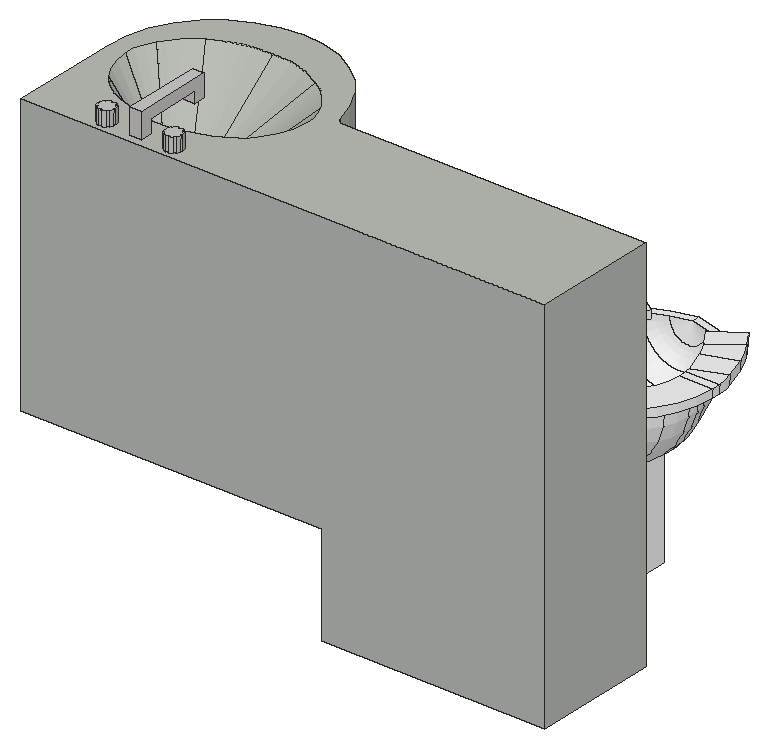
Revit family
Parameters (values of type "Combo-Fixture_MEP_Reed")
  Water Closet Material = Tiles
  Subcategory = "Fixtures"  # constant formula
  SmartBIM Object Version = 3  # constant formula
  SmartBIM Object Created By = "Reed Construction Data"  # constant formula
  Seat Material = Ceramic
  Sanitary Radius = 0"
  Pipe Material = Metal Polish Tab
  Flow Pressure [instance] = 0.00 psi
  Default Elevation = 4' - 0"
  Cold Water Radius = 0"
  Assembly Code = "D2010110"
  95 CSI = "15150"  # constant formula
  04 CSI = "22 13 16"  # constant formula
Reference planes (in)
  plane 1 "Center (Front/Back)": y = 0
  plane 2: z = 0
  plane 3 "Center (Left/Right)": x = 0
Forms (in)
  Extrusion 1, solid, material "Tiles" <- "Water Closet Material"
    sketch origin (-28.39372, 53.86465, 0) x (-1, 0, 0) y (0, -1, 0)
      loop
        line (-51.89372, 53.86465) -> (-51.89372, 42.61465) -> (-24.6967, 42.61465)
        arc (-24.6967, 42.61465) -> (-24.37951, 42.50116) -> (-24.20631, 42.21221) r 0.5
        arc (-24.20631, 42.21221) -> (-13.68789, 34.41161) -> (-4.89372, 44.11465) r 9.75
        line (-4.89372, 44.11465) -> (-4.89372, 53.86465) -> (-51.89372, 53.86465)
    from 0 to 34
  Extrusion 2, void
    sketch origin (0, 0, 0) x (1, 0, 0) y (0, 0, 1)
      loop
        line (-23.5, 0) -> (3.5, 0) -> (3.5, 9) -> (-23.5, 9) -> (-23.5, 0)
    from -20.00433 to 0
  Extrusion 3, void
    sketch origin (0, 0, 0) x (1, 0, 0) y (0, 0, 1)
      loop
        line (-3.5, 9) -> (-3.5, 27) -> (-23.5, 27) -> (-23.5, 9) -> (-3.5, 9)
    from -20.00443 to -11.25
  Blend 4, void
    base sketch origin (0, 0, 0) x (1, 0, 0) y (0, 1, 0)
      loop
        arc (-21.83825, 9.68035) -> (-21.47551, 7.89517) -> (-20.60589, 6.29448) r 6.15199
        arc (-20.60589, 6.29448) -> (-19.39689, 5.08607) -> (-17.90205, 4.25699) r 6.15199
        arc (-17.90205, 4.25699) -> (-16.72748, 3.84072) -> (-15.53255, 3.48709) r 23.57937
        arc (-15.53255, 3.48709) -> (-13.86863, 3.25315) -> (-12.19735, 3.42685) r 6.92489
        arc (-12.19735, 3.42685) -> (-10.88563, 3.80428) -> (-9.59795, 4.25699) r 23.57937
        arc (-9.59795, 4.25699) -> (-8.10311, 5.08607) -> (-6.89411, 6.29448) r 6.15199
        arc (-6.89411, 6.29448) -> (-6.02449, 7.89517) -> (-5.66175, 9.68035) r 6.15199
        arc (-5.66175, 9.68035) -> (-5.80617, 11.0511) -> (-6.36648, 12.31041) r 4.41237
        arc (-6.36648, 12.31041) -> (-7.44945, 13.64845) -> (-8.7875, 14.73143) r 8.21473
        arc (-8.7875, 14.73143) -> (-11.16358, 15.78931) -> (-13.75, 16.0637) r 8.33898
        arc (-13.75, 16.0637) -> (-16.33642, 15.78931) -> (-18.7125, 14.73143) r 8.33898
        arc (-18.7125, 14.73143) -> (-20.05055, 13.64845) -> (-21.13352, 12.31041) r 8.21473
        arc (-21.13352, 12.31041) -> (-21.69383, 11.0511) -> (-21.83825, 9.68035) r 4.41237
    top sketch origin (0, 0, 0) x (1, 0, 0) y (0, 1, 0)
      loop
        arc (-15.51046, 6.32709) -> (-15.17497, 5.52024) -> (-14.43362, 5.05767) r 1.43472
        arc (-14.43362, 5.05767) -> (-13.89543, 4.97971) -> (-13.35279, 5.01517) r 2.6054
        arc (-13.35279, 5.01517) -> (-12.42427, 5.41458) -> (-11.98954, 6.32709) r 1.43472
        arc (-11.98954, 6.32709) -> (-12.42427, 7.23961) -> (-13.35279, 7.63902) r 1.43472
        arc (-13.35279, 7.63902) -> (-13.89543, 7.67448) -> (-14.43362, 7.59652) r 2.6054
        arc (-14.43362, 7.59652) -> (-15.17497, 7.13395) -> (-15.51046, 6.32709) r 1.43472
    from 34 to 28.11685
  Revolve 5, solid, material "Ceramic" <- "Seat Material"
    sketch origin (29.6751, 45.5, 16.25) x (0, -1, 0) y (1, 0, 0)
      loop
        line (32, -16.44107) -> (31.30515, -16.44107)
        arc (31.30515, -16.44107) -> (31.21015, -17.527) -> (30.92801, -18.57993) r 6.25362
        arc (30.92801, -18.57993) -> (30.32578, -19.80114) -> (29.47351, -20.86305) r 6.25362
        arc (29.47351, -20.86305) -> (28.4116, -21.71532) -> (27.1904, -22.31755) r 6.25362
        arc (27.1904, -22.31755) -> (26.13746, -22.59968) -> (25.05153, -22.69469) r 6.25362
        line (25.05153, -22.69469) -> (24.15192, -22.69469)
        arc (24.15192, -22.69469) -> (23.78995, -22.66302) -> (23.43897, -22.56897) r 2.08454
        line (23.43897, -22.56897) -> (21.01338, -21.68613)
        arc (21.01338, -21.68613) -> (20.09826, -21.28347) -> (19.24352, -20.7648) r 7.64331
        line (19.24352, -20.7648) -> (17.76346, -19.72845)
        arc (17.76346, -19.72845) -> (17.08091, -19.0459) -> (16.67297, -18.17107) r 2.77939
        line (16.67297, -18.17107) -> (16.20941, -16.44107) -> (15.49006, -16.44107) -> (16.06725, -18.5952)
        arc (16.06725, -18.5952) -> (16.47519, -19.47003) -> (17.15774, -20.15258) r 2.77939
        line (17.15774, -20.15258) -> (18.91991, -21.38646)
        arc (18.91991, -21.38646) -> (19.77464, -21.90512) -> (20.68976, -22.30779) r 7.64331
        line (20.68976, -22.30779) -> (23.20132, -23.22192)
        arc (23.20132, -23.22192) -> (23.66929, -23.34731) -> (24.15192, -23.38953) r 2.77939
        line (24.15192, -23.38953) -> (25.05153, -23.38953)
        arc (25.05153, -23.38953) -> (26.25812, -23.28397) -> (27.42805, -22.97049) r 6.94847
        arc (27.42805, -22.97049) -> (28.78494, -22.30135) -> (29.96484, -21.35438) r 6.94847
        arc (29.96484, -21.35438) -> (30.91181, -20.17448) -> (31.58096, -18.81758) r 6.94847
        arc (31.58096, -18.81758) -> (31.89444, -17.64766) -> (32, -16.44107) r 6.94847
      axis (32, -16.44107) -> (15.49006, -16.44107)
    angle from 0 to 180
  Sweep 6, solid, material "Ceramic" <- "Seat Material"
    path origin (29.6751, 47.75, 17.5) x (0, -1, 0) y (1, 0, 0)
      loop
        line (19.62044, -19.49106) -> (21.09009, -20.52012)
        arc (21.09009, -20.52012) -> (21.80294, -20.95269) -> (22.56615, -21.28851) r 6.37454
        line (22.56615, -21.28851) -> (24.66079, -22.0509)
        arc (24.66079, -22.0509) -> (25.05108, -22.15548) -> (25.4536, -22.19069) r 2.31801
        line (25.4536, -22.19069) -> (26.20388, -22.19069)
        arc (26.20388, -22.19069) -> (30.30159, -20.49337) -> (31.99891, -16.39566) r 5.79504
        arc (31.99891, -16.39566) -> (30.30159, -12.29795) -> (26.20388, -10.60062) r 5.79504
        line (26.20388, -10.60062) -> (25.4536, -10.60062)
        arc (25.4536, -10.60062) -> (25.05108, -10.63584) -> (24.66079, -10.74042) r 2.31801
        line (24.66079, -10.74042) -> (22.56615, -11.5028)
        arc (22.56615, -11.5028) -> (21.80294, -11.83862) -> (21.09009, -12.27119) r 6.37454
        line (21.09009, -12.27119) -> (19.62044, -13.30025)
    profile origin (0, 21.92126, 13.5) x (1, 0, 0) y (0, 0, 1)
      loop
        line (5.29653, 3.5) -> (5.29653, 2.75) -> (8.29653, 2.75) -> (8.29653, 3.5) -> (5.29653, 3.5)
  Extrusion 7, solid, material "Ceramic" <- "Seat Material"
    sketch origin (0, 0, 0) x (0, 1, 0) y (0, 0, 1)
      loop
        arc (23.64676, 10.05532) -> (23.03479, 9.81599) -> (22.40758, 9.62003) r 9.39437
        arc (22.40758, 9.62003) -> (21.53215, 9.44711) -> (20.64089, 9.4031) r 6.13088
        arc (20.64089, 9.4031) -> (19.5539, 9.48242) -> (18.48002, 9.66843) r 11.05035
        arc (18.48002, 9.66843) -> (17.77565, 9.92939) -> (17.10459, 10.26692) r 6.7572
        arc (17.10459, 10.26692) -> (16.33429, 10.68966) -> (15.65378, 11.24551) r 4.80853
        arc (15.65378, 11.24551) -> (14.08912, 13.59485) -> (13.60093, 16.375) r 6.87171
        line (13.60093, 16.375) -> (11.25, 16.375) -> (11.25, 0) -> (23.64676, 0) -> (23.64676, 10.05532)
    from 11.23403 to 15.23403
  Sweep 8, solid, material "Metal Polish Tab" <- "Pipe Material"
    path origin (0, 0, 0) x (0, 1, 0) y (0, 0, 1)
      loop
        line (1.5, 34) -> (1.5, 35.5) -> (7, 35.5) -> (7, 34.25)
    profile origin (0, 1.5, 34.75) x (0, -1, 0) y (1, 0, 0)
      loop
        line (-0.25, -14.25629) -> (0.75, -14.25629) -> (0.75, -13.25629) -> (-0.25, -13.25629) -> (-0.25, -14.25629)
  Extrusion 9, solid, material "Metal Polish Tab" <- "Pipe Material"
    sketch origin (0, 0, 0) x (1, 0, 0) y (0, 1, 0)
      loop
        circle (-16.75629, 1.25) r 0.75
    from 34 to 35.25
  Extrusion 10, void
    sketch origin (0, 0, 35.25) x (0, 1, 0) y (1, 0, 0)
      loop
        circle (2, -16.75629) r 0.11115
    from 0 to 1.25
  Extrusion 11, void
    sketch origin (-5.79169, -11.48237, 35.25) x (0.707107, 0.707107, 0) y (0.707107, -0.707107, 0)
      loop
        circle (2, -16.75629) r 0.11115
    from 0 to 1.25
  Extrusion 12, void
    sketch origin (-4.02392, 12.2146, 35.25) x (-0.707107, 0.707107, 0) y (0.707107, 0.707107, 0)
      loop
        circle (2, -16.75629) r 0.11115
    from 0 to 1.25
  Extrusion 13, void
    sketch origin (-15.50629, 18.00629, 35.25) x (-1, 0, 0) y (0, 1, 0)
      loop
        circle (2, -16.75629) r 0.11115
    from 0 to 1.25
  Extrusion 14, void
    sketch origin (-27.72089, 13.98237, 35.25) x (-0.707107, -0.707107, 0) y (-0.707107, 0.707107, 0)
      loop
        circle (2, -16.75629) r 0.11115
    from 0 to 1.25
  Extrusion 15, void
    sketch origin (-33.51258, 2.5, 35.25) x (0, -1, 0) y (-1, 0, 0)
      loop
        circle (2, -16.75629) r 0.11115
    from 0 to 1.25
  Extrusion 16, void
    sketch origin (-29.48866, -9.7146, 35.25) x (0.707107, -0.707107, 0) y (-0.707107, -0.707107, 0)
      loop
        circle (2, -16.75629) r 0.11115
    from 0 to 1.25
  Extrusion 17, void
    sketch origin (-18.00629, -15.50629, 35.25) x (1, 0, 0) y (0, -1, 0)
      loop
        circle (2, -16.75629) r 0.11115
    from 0 to 1.25
  Extrusion 18, solid, material "Metal Polish Tab" <- "Pipe Material"
    sketch origin (-27.51258, 0, 0) x (-1, 0, 0) y (0, -1, 0)
      loop
        circle (-16.75629, -1.25) r 0.75
    from 34 to 35.25
  Extrusion 19, void
    sketch origin (-27.51258, 0, 35.25) x (0, -1, 0) y (-1, 0, 0)
      loop
        circle (-2, -16.75629) r 0.11115
    from 0 to 1.25
  Extrusion 20, void
    sketch origin (-23.48866, 12.2146, 35.25) x (-0.707107, -0.707107, 0) y (-0.707107, 0.707107, 0)
      loop
        circle (-2, -16.75629) r 0.11115
    from 0 to 1.25
  Extrusion 21, void
    sketch origin (-21.72089, -11.48237, 35.25) x (0.707107, -0.707107, 0) y (-0.707107, -0.707107, 0)
      loop
        circle (-2, -16.75629) r 0.11115
    from 0 to 1.25
  Extrusion 22, void
    sketch origin (-9.50629, -15.50629, 35.25) x (1, 0, 0) y (0, -1, 0)
      loop
        circle (-2, -16.75629) r 0.11115
    from 0 to 1.25
  Extrusion 23, void
    sketch origin (1.97608, -9.7146, 35.25) x (0.707107, 0.707107, 0) y (0.707107, -0.707107, 0)
      loop
        circle (-2, -16.75629) r 0.11115
    from 0 to 1.25
  Extrusion 24, void
    sketch origin (6, 2.5, 35.25) x (0, 1, 0) y (1, 0, 0)
      loop
        circle (-2, -16.75629) r 0.11115
    from 0 to 1.25
  Extrusion 25, void
    sketch origin (0.20831, 13.98237, 35.25) x (-0.707107, 0.707107, 0) y (0.707107, 0.707107, 0)
      loop
        circle (-2, -16.75629) r 0.11115
    from 0 to 1.25
  Extrusion 26, void
    sketch origin (-12.00629, 18.00629, 35.25) x (1, 0, 0) y (0, 1, 0)
      loop
        circle (2, -16.75629) r 0.11115
    from 0 to 1.25
Cuts and joins
  Extrusion 2, Extrusion 3, Blend 4, Extrusion 10, Extrusion 11, Extrusion 12, Extrusion 13, Extrusion 14, Extrusion 15, Extrusion 16, Extrusion 17, Extrusion 19, Extrusion 20, Extrusion 21, Extrusion 22, Extrusion 23, Extrusion 24, Extrusion 25, Extrusion 26 cuts Extrusion 1
  Extrusion 10, Extrusion 11, Extrusion 12, Extrusion 13, Extrusion 14, Extrusion 15, Extrusion 16, Extrusion 17, Extrusion 19 cuts Extrusion 9
  Extrusion 19, Extrusion 20, Extrusion 21, Extrusion 22, Extrusion 23, Extrusion 24, Extrusion 25, Extrusion 26 cuts Extrusion 18
Lines and regions (in)
  symbolic lines
    curve 1: line (-23.5, 9.75, 35.25) -> (-23.5, 0, 35.25)
    curve 2: line (-23.5, 0, 35.25) -> (23.5, 0, 35.25)
    curve 3: line (23.5, 0, 35.25) -> (23.5, 11.25, 35.25)
    curve 4: line (23.5, 11.25, 35.25) -> (-3.69702, 11.25, 35.25)
    curve 5: arc (-3.69702, 11.25, 35.25) -> (-4.01421, 11.36349, 35.25) -> (-4.1874, 11.65244, 35.25) r 0.5
    curve 6: arc (-4.1874, 11.65244, 35.25) -> (-5.30625, 14.625, 35.25) -> (-7.32114, 17.08023, 35.25) r 9.75
    curve 7: arc (-7.32114, 17.08023, 35.25) -> (-9.17265, 18.35874, 35.25) -> (-11.26794, 19.17878, 35.25) r 9.75
    curve 8: arc (-11.26794, 19.17878, 35.25) -> (-13.23972, 19.48664, 35.25) -> (-15.23289, 19.38657, 35.25) r 9.75
    curve 9: arc (-15.23289, 19.38657, 35.25) -> (-17.12419, 18.89753, 35.25) -> (-18.88004, 18.04127, 35.25) r 9.75
    curve 10: arc (-18.88004, 18.04127, 35.25) -> (-20.79722, 16.48789, 35.25) -> (-22.26305, 14.50295, 35.25) r 9.75
    curve 11: arc (-22.26305, 14.50295, 35.25) -> (-23.1857, 12.20564, 35.25) -> (-23.5, 9.75, 35.25) r 9.75
    curve 12: arc (-21.13352, 12.31041, 35.25) -> (-21.83838, 9.71745, 35.25) -> (-21.13352, 7.1245, 35.25) r 5.12177
    curve 13: arc (-21.13352, 7.1245, 35.25) -> (-20.01548, 5.67832, 35.25) -> (-18.5693, 4.56028, 35.25) r 7.20047
    curve 14: arc (-18.5693, 4.56028, 35.25) -> (-16.55415, 3.67537, 35.25) -> (-14.38868, 3.28213, 35.25) r 9.42145
    curve 15: arc (-14.38868, 3.28213, 35.25) -> (-12.05532, 3.43333, 35.25) -> (-9.83522, 4.16724, 35.25) r 9.21054
    curve 16: arc (-9.83522, 4.16724, 35.25) -> (-7.77307, 5.35276, 35.25) -> (-6.31209, 7.22984, 35.25) r 6.17452
    curve 17: arc (-6.31209, 7.22984, 35.25) -> (-5.70555, 9.79307, 35.25) -> (-6.32663, 12.35281, 35.25) r 5.65157
    curve 18: arc (-21.13352, 12.31041, 35.25) -> (-18.74928, 14.80471, 35.25) -> (-15.50086, 15.9683, 35.25) r 7.50372
    curve 19: arc (-15.50086, 15.9683, 35.25) -> (-13.75, 16.06642, 35.25) -> (-11.99914, 15.9683, 35.25) r 15.67036
    curve 20: arc (-11.99914, 15.9683, 35.25) -> (-8.74392, 14.81789, 35.25) -> (-6.32663, 12.35281, 35.25) r 7.64587
    curve 21: arc (6.28556, 21.34808, 35.25) -> (13.23403, 14.39961, 35.25) -> (20.1825, 21.34808, 35.25) r 6.94847
    curve 22: arc (20.1825, 21.34808, 35.25) -> (18.82024, 25.49151, 35.25) -> (16.26299, 29.02481, 35.25) r 14.17842
    curve 23: arc (16.26299, 29.02481, 35.25) -> (13.23403, 30.00994, 35.25) -> (10.20507, 29.02481, 35.25) r 5.14907
    curve 24: arc (10.20507, 29.02481, 35.25) -> (7.64782, 25.49151, 35.25) -> (6.28556, 21.34808, 35.25) r 14.17842
    curve 25: arc (-17.20242, 1.85289, 35.25) -> (-17.0433, 1.94291, 35.25) -> (-16.86714, 1.99176, 35.25) r 0.75
    curve 26: arc (-16.86714, 1.99176, 35.25) -> (-16.75629, 1.88092, 35.25) -> (-16.64544, 1.99176, 35.25) r 0.11085
    curve 27: arc (-16.64544, 1.99176, 35.25) -> (-16.46928, 1.94291, 35.25) -> (-16.31016, 1.85289, 35.25) r 0.75
    curve 28: arc (-16.31016, 1.85289, 35.25) -> (-16.31016, 1.69613, 35.25) -> (-16.1534, 1.69613, 35.25) r 0.11085
    curve 29: arc (-17.49805, 1.36085, 35.25) -> (-17.4492, 1.53701, 35.25) -> (-17.35918, 1.69613, 35.25) r 0.75
    curve 30: arc (-17.35918, 1.69613, 35.25) -> (-17.20242, 1.69613, 35.25) -> (-17.20242, 1.85289, 35.25) r 0.11085
    curve 31: arc (-17.35918, 0.80387, 35.25) -> (-17.4492, 0.96299, 35.25) -> (-17.49805, 1.13915, 35.25) r 0.75
    curve 32: arc (-17.49805, 1.13915, 35.25) -> (-17.38721, 1.25, 35.25) -> (-17.49805, 1.36085, 35.25) r 0.11085
    curve 33: arc (-16.86714, 0.50824, 35.25) -> (-17.0433, 0.55709, 35.25) -> (-17.20242, 0.64711, 35.25) r 0.75
    curve 34: arc (-17.20242, 0.64711, 35.25) -> (-17.20242, 0.80387, 35.25) -> (-17.35918, 0.80387, 35.25) r 0.11085
    curve 35: arc (-16.31016, 0.64711, 35.25) -> (-16.46928, 0.55709, 35.25) -> (-16.64544, 0.50824, 35.25) r 0.75
    curve 36: arc (-16.64544, 0.50824, 35.25) -> (-16.75629, 0.61908, 35.25) -> (-16.86714, 0.50824, 35.25) r 0.11085
    curve 37: arc (-16.01453, 1.13915, 35.25) -> (-16.06338, 0.96299, 35.25) -> (-16.1534, 0.80387, 35.25) r 0.75
    curve 38: arc (-16.1534, 0.80387, 35.25) -> (-16.31016, 0.80387, 35.25) -> (-16.31016, 0.64711, 35.25) r 0.11085
    curve 39: arc (-16.1534, 1.69613, 35.25) -> (-16.06338, 1.53701, 35.25) -> (-16.01453, 1.36085, 35.25) r 0.75
    curve 40: arc (-16.01453, 1.36085, 35.25) -> (-16.12537, 1.25, 35.25) -> (-16.01453, 1.13915, 35.25) r 0.11085
    curve 41: arc (-11.20242, 1.85289, 35.25) -> (-11.0433, 1.94291, 35.25) -> (-10.86714, 1.99176, 35.25) r 0.75
    curve 42: arc (-10.86714, 1.99176, 35.25) -> (-10.75629, 1.88092, 35.25) -> (-10.64544, 1.99176, 35.25) r 0.11085
    curve 43: arc (-10.64544, 1.99176, 35.25) -> (-10.46928, 1.94291, 35.25) -> (-10.31016, 1.85289, 35.25) r 0.75
    curve 44: arc (-10.31016, 1.85289, 35.25) -> (-10.31016, 1.69613, 35.25) -> (-10.1534, 1.69613, 35.25) r 0.11085
    curve 45: arc (-11.49805, 1.36085, 35.25) -> (-11.4492, 1.53701, 35.25) -> (-11.35918, 1.69613, 35.25) r 0.75
    curve 46: arc (-11.35918, 1.69613, 35.25) -> (-11.20242, 1.69613, 35.25) -> (-11.20242, 1.85289, 35.25) r 0.11085
    curve 47: arc (-11.35918, 0.80387, 35.25) -> (-11.4492, 0.96299, 35.25) -> (-11.49805, 1.13915, 35.25) r 0.75
    curve 48: arc (-11.49805, 1.13915, 35.25) -> (-11.38721, 1.25, 35.25) -> (-11.49805, 1.36085, 35.25) r 0.11085
    curve 49: arc (-10.86714, 0.50824, 35.25) -> (-11.0433, 0.55709, 35.25) -> (-11.20242, 0.64711, 35.25) r 0.75
    curve 50: arc (-11.20242, 0.64711, 35.25) -> (-11.20242, 0.80387, 35.25) -> (-11.35918, 0.80387, 35.25) r 0.11085
    curve 51: arc (-10.31016, 0.64711, 35.25) -> (-10.46928, 0.55709, 35.25) -> (-10.64544, 0.50824, 35.25) r 0.75
    curve 52: arc (-10.64544, 0.50824, 35.25) -> (-10.75629, 0.61908, 35.25) -> (-10.86714, 0.50824, 35.25) r 0.11085
    curve 53: arc (-10.01453, 1.13915, 35.25) -> (-10.06338, 0.96299, 35.25) -> (-10.1534, 0.80387, 35.25) r 0.75
    curve 54: arc (-10.1534, 0.80387, 35.25) -> (-10.31016, 0.80387, 35.25) -> (-10.31016, 0.64711, 35.25) r 0.11085
    curve 55: arc (-10.1534, 1.69613, 35.25) -> (-10.06338, 1.53701, 35.25) -> (-10.01453, 1.36085, 35.25) r 0.75
    curve 56: arc (-10.01453, 1.36085, 35.25) -> (-10.12537, 1.25, 35.25) -> (-10.01453, 1.13915, 35.25) r 0.11085
    curve 57: line (-14.25629, 0.75, 35.25) -> (-13.25629, 0.75, 35.25)
    curve 58: line (-14.25629, 7.75, 35.25) -> (-14.25629, 0.75, 35.25)
    curve 59: line (-13.25629, 7.75, 35.25) -> (-14.25629, 7.75, 35.25)
    curve 60: line (-13.25629, 0.75, 35.25) -> (-13.25629, 7.75, 35.25)
    curve 61: line (11.23403, 11.25, 35.25) -> (11.23403, 14.69367, 35.25)
    curve 62: line (15.23403, 11.25, 35.25) -> (15.23403, 14.69367, 35.25)
Connectors (in)
  piping at (13.75, 0, 6)
    settings: on Extrusion 1, index 1
  piping at (13.25, 20.89676, 0)
    settings: on Extrusion 7, index 2
  piping at (-13.75, 6.25, 28.11685)
    settings: on Blend 4, index 3
  piping at (-10.75, 0, 33)
    settings: on Extrusion 1, index 4
  piping at (-16.75, 0, 33)
    settings: on Extrusion 1, index 5
